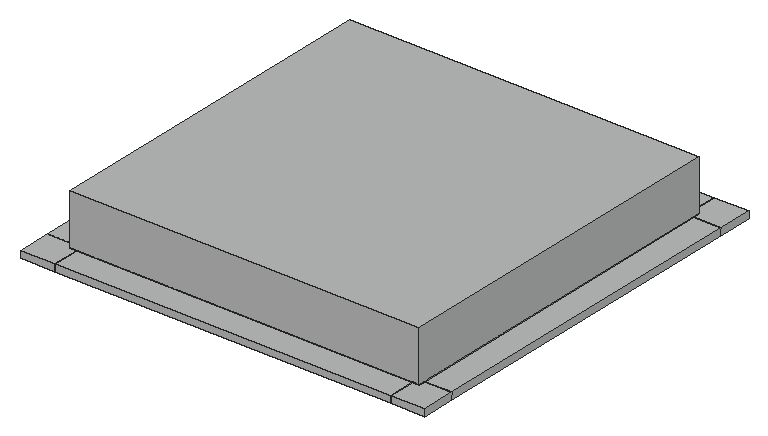
Revit family "ALUMOGIPS", category Осветительные приборы, Revit 2019 (continued)
Types (72, lengths in mm): name | Файл фотометрической сетки | built-in parameter 1150105 | Lumens | built-in parameter 1150106 | built-in parameter 1150142 | Wattage | Emit from Rectangle Width | Emit from Rectangle Length | Длина | Материал светильника | Ширина | ADSK_Ток | ADSK_Полная мощность | ADSK_Обозначение | ADSK_Номинальная мощность | ADSK_Наименование | ADSK_Масса | ADSK_Код изделия
  Alumogips-38/opal-sand 610х610 (IP54, 4000К, белый, грильято) | "Светильник ALUMOGIPS-38 OPAL-SAND-(610x610).IES" | 302.39 (stored number, unit not read) | 3800 lm | 3.0239 (stored number, unit not read) | "IESNA:LM-63-95\r\n[TEST] Протокол № 50-12 \r\n[DATA] 20.06.2016\r\n[MORE] \r\n[MANUFAC] ЗАО \"Центрстройсвет\"\r\n[LUMCAT]  Светильник ALUMOGIPS-38/OPAL-SAND-(610x610)\r\n[LUMINAIRE]\r\n[LAMPCAT] Светодиоды\r\n[LAMP] Поток источника света (светодиодов) не известен\r\n[MORE] КСС приведена в абсолютных величинах кд\r\n[MORE] Вместо потока лампы, указан поток светильника.\r\nTILT=NONE\r\n1    3750 1.0 37 73 1 2 0.61 0.61 0.04\r\n1.0 1.0 38.7\r\n0.0 5.0 10.0 15.0 20.0 25.0 30.0 35.0 40.0 45.0 50.0 55.0 60.0 65.0 70.0 75.0 80.0 85.0 90.0 95.0 100.0 105.0 110.0 115.0 120.0 125.0 130.0 135.0 140.0 145.0 150.0 155.0 160.0 165.0 170.0 175.0 180.0\r\n0.0 5.0 10.0 15.0 20.0 25.0 30.0 35.0 40.0 45.0 50.0 55.0 60.0 65.0 70.0 75.0 80.0 85.0 90.0 95.0 100.0 105.0 110.0 115.0 120.0 125.0 130.0 135.0 140.0 145.0 150.0 155.0 160.0 165.0 170.0 175.0 180.0 185.0 190.0 195.0 200.0 205.0 210.0 215.0 220.0 225.0 230.0 235.0 240.0 245.0 250.0 255.0 260.0 265.0 270.0 275.0 280.0 285.0 290.0 295.0 300.0 305.0 310.0 315.0 320.0 325.0 330.0 335.0 340.0 345.0 350.0 355.0 360.0\r\n1391.4 1390.6 1365.7 1330.6 1277.5 1214.9 1147.5 1059.6 967.6 873.2 772.4 664.9 556.3 449.1 342.7 240.6 147.1 64.2 4.7 0.0 0.0 0.0 0.0 0.0 0.0 0.0 0.0 0.0 0.0 0.0 0.0 0.0 0.0 0.0 0.0 0.0 0.0\r\n1391.4 1390.5 1367.8 1332.7 1284.3 1221.3 1147.0 1062.1 969.2 872.4 773.2 666.3 557.1 450.1 343.8 241.9 146.9 64.7 5.2 0.0 0.0 0.0 0.0 0.0 0.0 0.0 0.0 0.0 0.0 0.0 0.0 0.0 0.0 0.0 0.0 0.0 0.0\r\n1391.4 1390.2 1372.0 1333.3 1277.3 1216.8 1144.5 1057.4 969.6 875.1 773.8 669.5 560.0 454.6 345.8 242.4 148.5 65.8 5.4 0.0 0.0 0.0 0.0 0.0 0.0 0.0 0.0 0.0 0.0 0.0 0.0 0.0 0.0 0.0 0.0 0.0 0.0\r\n1391.4 1389.8 1371.2 1330.7 1279.5 1220.5 1148.3 1059.9 967.7 873.2 767.5 666.8 561.4 453.0 347.1 243.7 149.9 65.6 5.8 0.0 0.0 0.0 0.0 0.0 0.0 0.0 0.0 0.0 0.0 0.0 0.0 0.0 0.0 0.0 0.0 0.0 0.0\r\n1391.4 1389.8 1368.3 1329.3 1285.0 1214.6 1141.1 1058.7 971.8 871.3 775.2 666.9 559.4 452.6 345.8 242.5 150.0 65.8 6.1 0.0 0.0 0.0 0.0 0.0 0.0 0.0 0.0 0.0 0.0 0.0 0.0 0.0 0.0 0.0 0.0 0.0 0.0\r\n1391.4 1390.5 1367.3 1332.3 1281.7 1219.0 1142.8 1064.6 970.5 874.4 772.1 667.5 560.2 453.0 346.2 241.8 149.4 65.7 5.6 0.0 0.0 0.0 0.0 0.0 0.0 0.0 0.0 0.0 0.0 0.0 0.0 0.0 0.0 0.0 0.0 0.0 0.0\r\n1391.4 1391.4 1368.1 1333.5 1277.3 1215.7 1139.0 1059.6 968.1 872.4 771.6 667.4 558.8 453.3 344.3 243.9 148.4 65.7 5.4 0.0 0.0 0.0 0.0 0.0 0.0 0.0 0.0 0.0 0.0 0.0 0.0 0.0 0.0 0.0 0.0 0.0 0.0\r\n1391.4 1391.7 1368.1 1330.4 1278.2 1213.9 1142.4 1061.6 967.4 875.1 772.0 669.3 561.1 452.5 345.2 242.1 148.3 65.4 5.5 0.0 0.0 0.0 0.0 0.0 0.0 0.0 0.0 0.0 0.0 0.0 0.0 0.0 0.0 0.0 0.0 0.0 0.0\r\n1391.4 1391.5 1371.0 1328.4 1278.5 1216.7 1142.1 1061.2 971.8 874.7 772.1 668.9 560.8 452.9 345.4 243.3 147.7 66.0 5.4 0.0 0.0 0.0 0.0 0.0 0.0 0.0 0.0 0.0 0.0 0.0 0.0 0.0 0.0 0.0 0.0 0.0 0.0\r\n1391.4 1391.5 1373.2 1330.5 1277.3 1215.5 1143.2 1063.6 967.0 872.7 772.2 669.4 558.9 453.2 346.6 241.9 148.1 65.2 5.5 0.0 0.0 0.0 0.0 0.0 0.0 0.0 0.0 0.0 0.0 0.0 0.0 0.0 0.0 0.0 0.0 0.0 0.0\r\n1391.4 1391.4 1369.7 1328.3 1281.3 1216.0 1139.8 1057.9 968.7 875.3 773.9 667.6 561.8 454.0 344.0 243.1 147.2 65.6 5.5 0.0 0.0 0.0 0.0 0.0 0.0 0.0 0.0 0.0 0.0 0.0 0.0 0.0 0.0 0.0 0.0 0.0 0.0\r\n1391.4 1390.5 1367.9 1330.1 1278.1 1218.1 1138.9 1061.0 970.0 871.8 770.4 669.3 560.2 453.4 346.9 242.1 148.3 65.2 5.2 0.0 0.0 0.0 0.0 0.0 0.0 0.0 0.0 0.0 0.0 0.0 0.0 0.0 0.0 0.0 0.0 0.0 0.0\r\n1391.4 1389.3 1368.2 1329.1 1280.8 1214.4 1142.5 1059.2 967.2 874.3 772.4 668.0 563.1 452.3 345.7 242.8 146.8 64.9 5.1 0.0 0.0 0.0 0.0 0.0 0.0 0.0 0.0 0.0 0.0 0.0 0.0 0.0 0.0 0.0 0.0 0.0 0.0\r\n1391.4 1388.6 1367.4 1327.8 1278.0 1215.7 1141.0 1061.0 971.5 877.3 771.2 667.3 561.5 453.0 346.4 242.4 146.3 64.8 5.2 0.0 0.0 0.0 0.0 0.0 0.0 0.0 0.0 0.0 0.0 0.0 0.0 0.0 0.0 0.0 0.0 0.0 0.0\r\n1391.4 1388.0 1367.6 1326.7 1278.3 1218.0 1140.9 1061.5 968.4 873.4 770.1 666.6 562.1 454.6 344.8 241.8 146.4 64.0 5.5 0.0 0.0 0.0 0.0 0.0 0.0 0.0 0.0 0.0 0.0 0.0 0.0 0.0 0.0 0.0 0.0 0.0 0.0\r\n1391.4 1387.2 1366.1 1331.0 1281.4 1216.3 1142.7 1059.1 969.4 871.5 772.2 667.3 560.5 453.0 344.4 242.2 146.4 63.8 5.6 0.0 0.0 0.0 0.0 0.0 0.0 0.0 0.0 0.0 0.0 0.0 0.0 0.0 0.0 0.0 0.0 0.0 0.0\r\n1391.4 1387.1 1366.3 1328.7 1276.9 1214.5 1141.2 1059.3 968.4 874.3 775.5 668.3 562.5 454.9 346.4 241.3 146.2 63.5 5.7 0.0 0.0 0.0 0.0 0.0 0.0 0.0 0.0 0.0 0.0 0.0 0.0 0.0 0.0 0.0 0.0 0.0 0.0\r\n1391.4 1388.4 1366.0 1329.7 1279.2 1217.9 1140.0 1060.5 969.0 873.9 772.0 671.3 560.4 453.2 343.7 241.7 145.8 63.7 5.4 0.0 0.0 0.0 0.0 0.0 0.0 0.0 0.0 0.0 0.0 0.0 0.0 0.0 0.0 0.0 0.0 0.0 0.0\r\n1391.4 1389.6 1367.7 1329.3 1277.2 1211.1 1140.1 1061.0 971.0 871.2 769.2 669.1 561.5 453.1 343.3 241.9 145.8 63.4 5.2 0.0 0.0 0.0 0.0 0.0 0.0 0.0 0.0 0.0 0.0 0.0 0.0 0.0 0.0 0.0 0.0 0.0 0.0\r\n1391.4 1388.8 1366.9 1327.1 1279.4 1214.2 1142.5 1056.4 970.7 870.3 771.0 665.1 560.4 453.3 343.8 241.1 145.7 63.4 5.2 0.0 0.0 0.0 0.0 0.0 0.0 0.0 0.0 0.0 0.0 0.0 0.0 0.0 0.0 0.0 0.0 0.0 0.0\r\n1391.4 1387.2 1365.8 1328.9 1276.6 1210.2 1141.4 1059.3 966.6 871.4 770.5 667.4 559.2 451.4 344.2 241.0 145.6 63.2 5.1 0.0 0.0 0.0 0.0 0.0 0.0 0.0 0.0 0.0 0.0 0.0 0.0 0.0 0.0 0.0 0.0 0.0 0.0\r\n1391.4 1386.8 1364.4 1329.8 1279.4 1213.7 1144.0 1059.0 965.3 873.7 768.8 668.9 559.4 449.5 342.6 241.5 144.6 63.4 5.0 0.0 0.0 0.0 0.0 0.0 0.0 0.0 0.0 0.0 0.0 0.0 0.0 0.0 0.0 0.0 0.0 0.0 0.0\r\n1391.4 1388.1 1365.8 1328.1 1273.8 1213.4 1137.9 1059.2 967.3 869.2 769.3 667.7 558.4 451.4 344.0 240.6 145.7 63.4 4.9 0.0 0.0 0.0 0.0 0.0 0.0 0.0 0.0 0.0 0.0 0.0 0.0 0.0 0.0 0.0 0.0 0.0 0.0\r\n1391.4 1389.2 1364.4 1323.2 1276.3 1213.8 1137.6 1055.3 963.1 871.0 767.7 664.1 559.7 447.1 342.4 240.1 145.2 63.9 5.1 0.0 0.0 0.0 0.0 0.0 0.0 0.0 0.0 0.0 0.0 0.0 0.0 0.0 0.0 0.0 0.0 0.0 0.0\r\n1391.4 1388.4 1362.3 1326.8 1274.4 1212.2 1137.9 1054.7 966.7 867.9 768.7 663.4 557.3 449.2 343.3 240.0 145.7 63.6 5.0 0.0 0.0 0.0 0.0 0.0 0.0 0.0 0.0 0.0 0.0 0.0 0.0 0.0 0.0 0.0 0.0 0.0 0.0\r\n1391.4 1386.2 1361.8 1326.5 1273.3 1211.2 1134.5 1048.6 964.3 866.3 767.8 662.9 556.7 449.5 341.9 239.8 145.7 63.7 5.0 0.0 0.0 0.0 0.0 0.0 0.0 0.0 0.0 0.0 0.0 0.0 0.0 0.0 0.0 0.0 0.0 0.0 0.0\r\n1391.4 1384.4 1363.5 1324.4 1272.0 1209.5 1137.2 1053.0 960.2 867.5 767.9 662.7 556.7 449.2 342.5 239.1 146.2 63.8 4.8 0.0 0.0 0.0 0.0 0.0 0.0 0.0 0.0 0.0 0.0 0.0 0.0 0.0 0.0 0.0 0.0 0.0 0.0\r\n1391.4 1383.7 1362.4 1324.4 1274.0 1209.5 1134.4 1050.1 965.4 864.9 764.6 662.3 556.6 447.9 340.5 240.3 145.5 64.6 4.6 0.0 0.0 0.0 0.0 0.0 0.0 0.0 0.0 0.0 0.0 0.0 0.0 0.0 0.0 0.0 0.0 0.0 0.0\r\n1391.4 1384.4 1361.9 1326.9 1270.2 1207.3 1132.7 1050.1 959.7 867.7 763.1 662.2 555.0 447.3 343.0 238.3 145.8 63.9 4.7 0.0 0.0 0.0 0.0 0.0 0.0 0.0 0.0 0.0 0.0 0.0 0.0 0.0 0.0 0.0 0.0 0.0 0.0\r\n1391.4 1385.1 1363.0 1320.0 1270.4 1207.9 1134.4 1055.0 963.5 867.3 766.7 660.7 555.9 450.1 342.6 240.2 145.9 64.3 4.9 0.0 0.0 0.0 0.0 0.0 0.0 0.0 0.0 0.0 0.0 0.0 0.0 0.0 0.0 0.0 0.0 0.0 0.0\r\n1391.4 1384.9 1362.3 1321.4 1273.1 1208.0 1135.4 1052.3 961.9 865.0 764.0 660.8 553.5 447.6 341.2 240.3 146.1 63.8 4.8 0.0 0.0 0.0 0.0 0.0 0.0 0.0 0.0 0.0 0.0 0.0 0.0 0.0 0.0 0.0 0.0 0.0 0.0\r\n1391.4 1383.8 1361.2 1322.1 1265.1 1211.5 1132.8 1049.3 961.3 863.4 764.0 661.0 550.7 447.9 341.0 240.1 146.2 63.8 4.6 0.0 0.0 0.0 0.0 0.0 0.0 0.0 0.0 0.0 0.0 0.0 0.0 0.0 0.0 0.0 0.0 0.0 0.0\r\n1391.4 1382.8 1359.3 1321.5 1269.3 1206.8 1132.8 1051.1 958.3 863.2 763.1 662.7 553.4 448.0 340.4 240.0 145.8 63.8 4.0 0.0 0.0 0.0 0.0 0.0 0.0 0.0 0.0 0.0 0.0 0.0 0.0 0.0 0.0 0.0 0.0 0.0 0.0\r\n1391.4 1382.6 1359.0 1319.6 1268.1 1204.3 1129.8 1049.0 957.7 861.8 761.7 658.4 554.2 446.1 340.4 239.0 145.6 63.8 3.8 0.0 0.0 0.0 0.0 0.0 0.0 0.0 0.0 0.0 0.0 0.0 0.0 0.0 0.0 0.0 0.0 0.0 0.0\r\n1391.4 1382.8 1358.5 1315.8 1266.5 1202.1 1128.5 1049.2 957.6 860.0 762.1 658.2 549.9 443.8 339.6 238.4 145.7 63.6 3.7 0.0 0.0 0.0 0.0 0.0 0.0 0.0 0.0 0.0 0.0 0.0 0.0 0.0 0.0 0.0 0.0 0.0 0.0\r\n1391.4 1382.2 1360.5 1319.2 1265.9 1204.5 1129.9 1046.9 955.0 862.9 758.9 657.9 552.5 444.9 338.9 238.8 145.3 63.6 3.3 0.0 0.0 0.0 0.0 0.0 0.0 0.0 0.0 0.0 0.0 0.0 0.0 0.0 0.0 0.0 0.0 0.0 0.0\r\n1391.4 1381.1 1361.2 1321.0 1268.1 1203.8 1128.8 1047.4 955.6 863.7 761.1 656.4 551.5 445.2 339.2 238.5 144.7 62.5 3.5 0.0 0.0 0.0 0.0 0.0 0.0 0.0 0.0 0.0 0.0 0.0 0.0 0.0 0.0 0.0 0.0 0.0 0.0\r\n1391.4 1380.6 1359.0 1316.4 1268.5 1204.0 1126.1 1049.5 956.2 859.6 759.7 656.5 549.2 444.3 338.4 236.1 143.8 61.6 3.2 0.0 0.0 0.0 0.0 0.0 0.0 0.0 0.0 0.0 0.0 0.0 0.0 0.0 0.0 0.0 0.0 0.0 0.0\r\n1391.4 1380.7 1356.6 1316.0 1267.0 1205.6 1130.3 1044.8 956.9 856.7 759.3 653.5 548.1 441.9 335.3 235.4 141.4 60.3 2.9 0.0 0.0 0.0 0.0 0.0 0.0 0.0 0.0 0.0 0.0 0.0 0.0 0.0 0.0 0.0 0.0 0.0 0.0\r\n1391.4 1380.4 1354.4 1317.9 1268.8 1199.0 1129.0 1044.0 956.9 860.6 758.3 656.9 549.1 442.0 334.4 236.1 141.7 60.5 2.6 0.0 0.0 0.0 0.0 0.0 0.0 0.0 0.0 0.0 0.0 0.0 0.0 0.0 0.0 0.0 0.0 0.0 0.0\r\n1391.4 1380.1 1356.7 1322.1 1264.6 1201.7 1129.9 1047.4 957.2 859.7 758.2 656.1 549.4 442.8 335.3 235.8 141.3 60.6 2.3 0.0 0.0 0.0 0.0 0.0 0.0 0.0 0.0 0.0 0.0 0.0 0.0 0.0 0.0 0.0 0.0 0.0 0.0\r\n1391.4 1379.9 1357.3 1317.5 1265.9 1207.8 1129.2 1046.5 955.7 860.2 758.6 656.9 550.7 441.9 335.4 233.9 140.6 60.2 2.4 0.0 0.0 0.0 0.0 0.0 0.0 0.0 0.0 0.0 0.0 0.0 0.0 0.0 0.0 0.0 0.0 0.0 0.0\r\n1391.4 1379.2 1355.5 1314.6 1269.3 1203.7 1133.5 1044.8 957.2 857.9 762.0 656.6 548.7 440.4 335.9 234.5 140.4 59.8 2.8 0.0 0.0 0.0 0.0 0.0 0.0 0.0 0.0 0.0 0.0 0.0 0.0 0.0 0.0 0.0 0.0 0.0 0.0\r\n1391.4 1377.9 1357.1 1319.2 1271.9 1204.4 1128.6 1050.2 953.1 856.9 757.6 653.7 548.9 439.9 335.4 232.4 140.5 59.2 3.0 0.0 0.0 0.0 0.0 0.0 0.0 0.0 0.0 0.0 0.0 0.0 0.0 0.0 0.0 0.0 0.0 0.0 0.0\r\n1391.4 1377.2 1356.3 1322.9 1266.0 1204.8 1132.2 1049.0 958.1 859.3 759.0 654.6 547.0 441.6 334.9 232.1 139.3 58.8 2.9 0.0 0.0 0.0 0.0 0.0 0.0 0.0 0.0 0.0 0.0 0.0 0.0 0.0 0.0 0.0 0.0 0.0 0.0\r\n1391.4 1377.8 1353.8 1319.7 1269.6 1207.9 1135.8 1049.5 955.8 858.0 762.4 655.9 548.2 441.6 335.6 231.7 139.4 58.8 2.8 0.0 0.0 0.0 0.0 0.0 0.0 0.0 0.0 0.0 0.0 0.0 0.0 0.0 0.0 0.0 0.0 0.0 0.0\r\n1391.4 1378.5 1355.2 1319.8 1267.3 1206.5 1131.2 1046.1 954.6 861.2 756.6 653.8 548.1 440.3 335.0 232.6 138.6 59.0 2.9 0.0 0.0 0.0 0.0 0.0 0.0 0.0 0.0 0.0 0.0 0.0 0.0 0.0 0.0 0.0 0.0 0.0 0.0\r\n1391.4 1378.6 1355.1 1318.3 1269.7 1200.8 1133.1 1049.0 957.6 862.5 762.4 656.9 549.3 443.5 334.7 231.2 138.8 58.1 3.0 0.0 0.0 0.0 0.0 0.0 0.0 0.0 0.0 0.0 0.0 0.0 0.0 0.0 0.0 0.0 0.0 0.0 0.0\r\n1391.4 1378.8 1355.8 1321.7 1268.8 1210.0 1129.0 1048.5 958.8 862.4 762.2 656.4 549.0 441.1 335.4 231.5 138.5 58.1 3.0 0.0 0.0 0.0 0.0 0.0 0.0 0.0 0.0 0.0 0.0 0.0 0.0 0.0 0.0 0.0 0.0 0.0 0.0\r\n1391.4 1379.6 1357.6 1321.7 1269.0 1207.1 1133.9 1047.0 964.1 863.3 761.9 656.4 551.5 440.7 334.9 232.2 137.6 58.1 2.8 0.0 0.0 0.0 0.0 0.0 0.0 0.0 0.0 0.0 0.0 0.0 0.0 0.0 0.0 0.0 0.0 0.0 0.0\r\n1391.4 1380.6 1357.7 1319.2 1272.0 1207.5 1131.3 1054.6 959.0 863.3 764.8 655.9 549.1 443.0 335.1 231.3 138.0 58.1 2.7 0.0 0.0 0.0 0.0 0.0 0.0 0.0 0.0 0.0 0.0 0.0 0.0 0.0 0.0 0.0 0.0 0.0 0.0\r\n1391.4 1381.5 1358.5 1321.9 1271.0 1204.1 1135.9 1055.8 962.5 865.5 761.1 656.9 550.6 442.0 335.3 231.9 137.4 57.9 2.6 0.0 0.0 0.0 0.0 0.0 0.0 0.0 0.0 0.0 0.0 0.0 0.0 0.0 0.0 0.0 0.0 0.0 0.0\r\n1391.4 1381.3 1358.5 1322.3 1270.8 1207.2 1133.7 1051.9 958.0 867.3 767.5 657.0 552.1 442.3 333.6 231.2 137.9 57.8 2.6 0.0 0.0 0.0 0.0 0.0 0.0 0.0 0.0 0.0 0.0 0.0 0.0 0.0 0.0 0.0 0.0 0.0 0.0\r\n1391.4 1380.6 1359.4 1319.7 1270.6 1209.0 1133.0 1052.1 963.9 867.5 764.1 660.0 554.0 443.3 334.8 231.7 137.6 57.8 2.7 0.0 0.0 0.0 0.0 0.0 0.0 0.0 0.0 0.0 0.0 0.0 0.0 0.0 0.0 0.0 0.0 0.0 0.0\r\n1391.4 1381.3 1359.9 1321.3 1270.6 1204.8 1135.0 1051.3 962.1 865.5 761.7 660.3 553.1 443.5 334.1 231.9 137.9 57.8 2.8 0.0 0.0 0.0 0.0 0.0 0.0 0.0 0.0 0.0 0.0 0.0 0.0 0.0 0.0 0.0 0.0 0.0 0.0\r\n1391.4 1383.1 1362.1 1324.8 1273.8 1208.7 1134.8 1055.9 961.8 866.4 762.3 659.7 552.4 443.7 334.4 232.8 138.0 58.0 2.8 0.0 0.0 0.0 0.0 0.0 0.0 0.0 0.0 0.0 0.0 0.0 0.0 0.0 0.0 0.0 0.0 0.0 0.0\r\n1391.4 1384.6 1360.4 1321.7 1272.0 1210.6 1130.9 1052.5 963.1 866.7 767.4 659.3 553.7 444.6 335.4 233.1 138.3 58.0 2.8 0.0 0.0 0.0 0.0 0.0 0.0 0.0 0.0 0.0 0.0 0.0 0.0 0.0 0.0 0.0 0.0 0.0 0.0\r\n1391.4 1385.6 1357.5 1324.7 1273.9 1211.6 1134.3 1052.7 963.6 865.4 763.1 658.7 552.2 444.9 336.9 232.8 138.8 58.6 2.9 0.0 0.0 0.0 0.0 0.0 0.0 0.0 0.0 0.0 0.0 0.0 0.0 0.0 0.0 0.0 0.0 0.0 0.0\r\n1391.4 1386.4 1357.8 1323.4 1273.2 1212.2 1136.3 1054.7 967.5 867.5 764.0 659.4 553.3 443.7 336.8 233.2 138.9 58.5 3.1 0.0 0.0 0.0 0.0 0.0 0.0 0.0 0.0 0.0 0.0 0.0 0.0 0.0 0.0 0.0 0.0 0.0 0.0\r\n1391.4 1386.6 1362.0 1324.9 1273.2 1211.3 1139.0 1049.9 960.3 866.4 768.0 661.3 552.2 443.4 336.3 233.4 139.8 58.9 3.1 0.0 0.0 0.0 0.0 0.0 0.0 0.0 0.0 0.0 0.0 0.0 0.0 0.0 0.0 0.0 0.0 0.0 0.0\r\n1391.4 1386.0 1360.5 1326.0 1271.8 1212.0 1137.2 1059.3 963.5 867.6 766.9 661.2 552.3 445.8 337.8 233.6 141.0 59.2 3.3 0.0 0.0 0.0 0.0 0.0 0.0 0.0 0.0 0.0 0.0 0.0 0.0 0.0 0.0 0.0 0.0 0.0 0.0\r\n1391.4 1385.0 1362.3 1325.1 1272.0 1207.1 1138.5 1053.6 964.5 865.8 766.5 661.6 554.3 445.9 337.0 234.5 140.4 60.2 3.5 0.0 0.0 0.0 0.0 0.0 0.0 0.0 0.0 0.0 0.0 0.0 0.0 0.0 0.0 0.0 0.0 0.0 0.0\r\n1391.4 1384.4 1361.8 1323.6 1274.0 1214.8 1138.9 1053.9 968.0 867.9 769.0 663.8 555.6 446.7 339.6 235.0 141.3 60.4 3.4 0.0 0.0 0.0 0.0 0.0 0.0 0.0 0.0 0.0 0.0 0.0 0.0 0.0 0.0 0.0 0.0 0.0 0.0\r\n1391.4 1385.0 1360.9 1322.2 1272.4 1209.8 1137.2 1055.7 962.7 869.7 769.6 658.2 556.6 447.4 338.5 236.2 142.5 60.7 3.4 0.0 0.0 0.0 0.0 0.0 0.0 0.0 0.0 0.0 0.0 0.0 0.0 0.0 0.0 0.0 0.0 0.0 0.0\r\n1391.4 1386.6 1363.1 1323.6 1272.5 1211.5 1139.2 1058.4 969.9 868.0 768.8 664.6 556.3 445.8 342.1 236.1 142.3 61.2 3.5 0.0 0.0 0.0 0.0 0.0 0.0 0.0 0.0 0.0 0.0 0.0 0.0 0.0 0.0 0.0 0.0 0.0 0.0\r\n1391.4 1388.6 1360.9 1330.2 1273.7 1213.2 1138.7 1058.3 966.2 867.0 766.8 663.4 553.3 447.1 339.2 238.7 143.0 61.4 3.8 0.0 0.0 0.0 0.0 0.0 0.0 0.0 0.0 0.0 0.0 0.0 0.0 0.0 0.0 0.0 0.0 0.0 0.0\r\n1391.4 1389.8 1360.8 1328.4 1276.8 1216.0 1140.1 1055.8 963.1 870.3 768.4 663.1 554.0 449.1 340.1 237.3 144.8 61.7 3.8 0.0 0.0 0.0 0.0 0.0 0.0 0.0 0.0 0.0 0.0 0.0 0.0 0.0 0.0 0.0 0.0 0.0 0.0\r\n1391.4 1389.3 1362.5 1325.9 1278.0 1210.4 1138.2 1054.7 967.8 872.7 770.2 661.9 556.5 446.9 341.3 237.7 144.4 62.5 3.9 0.0 0.0 0.0 0.0 0.0 0.0 0.0 0.0 0.0 0.0 0.0 0.0 0.0 0.0 0.0 0.0 0.0 0.0\r\n1391.4 1387.8 1365.8 1326.6 1274.3 1213.2 1141.4 1053.1 966.2 871.2 768.4 663.7 555.0 447.1 341.3 238.2 144.3 62.7 4.1 0.0 0.0 0.0 0.0 0.0 0.0 0.0 0.0 0.0 0.0 0.0 0.0 0.0 0.0 0.0 0.0 0.0 0.0\r\n1391.4 1387.2 1364.2 1328.3 1274.8 1209.4 1145.0 1060.0 963.9 867.5 766.5 663.4 556.7 448.2 340.9 240.3 144.7 63.3 4.0 0.0 0.0 0.0 0.0 0.0 0.0 0.0 0.0 0.0 0.0 0.0 0.0 0.0 0.0 0.0 0.0 0.0 0.0\r\n1391.4 1388.4 1364.9 1332.6 1279.0 1215.6 1140.9 1056.3 969.3 867.1 770.0 663.8 559.0 449.0 342.4 240.3 145.7 63.3 4.7 0.0 0.0 0.0 0.0 0.0 0.0 0.0 0.0 0.0 0.0 0.0 0.0 0.0 0.0 0.0 0.0 0.0 0.0\r\n1391.4 1390.0 1364.5 1329.3 1281.4 1217.7 1141.3 1063.3 970.3 871.1 768.8 663.5 555.2 449.3 342.4 239.8 146.6 63.3 4.9 0.0 0.0 0.0 0.0 0.0 0.0 0.0 0.0 0.0 0.0 0.0 0.0 0.0 0.0 0.0 0.0 0.0 0.0\r\n1391.4 1390.6 1365.7 1330.6 1277.5 1214.9 1147.5 1059.6 967.6 873.2 772.4 664.9 556.3 449.1 342.7 240.6 147.1 64.2 4.7 0.0 0.0 0.0 0.0 0.0 0.0 0.0 0.0 0.0 0.0 0.0 0.0 0.0 0.0 0.0 0.0 0.0 0.0\r\n" | 25.582 W | 590 | 590 | 610 | RAL 9001 | 610 | 0.179584 A | 41.3043 VA | "Alumogips-38/opal-sand 610х610 (IP54, 4000К, белый, грильято)" | 38 W | "Встраиваемый светодиодный светильник Alumogips-38/opal-sand 610х610 (IP54, 4000К, белый, грильято)" | 2.4 | "ЦБ00000
    7805"
